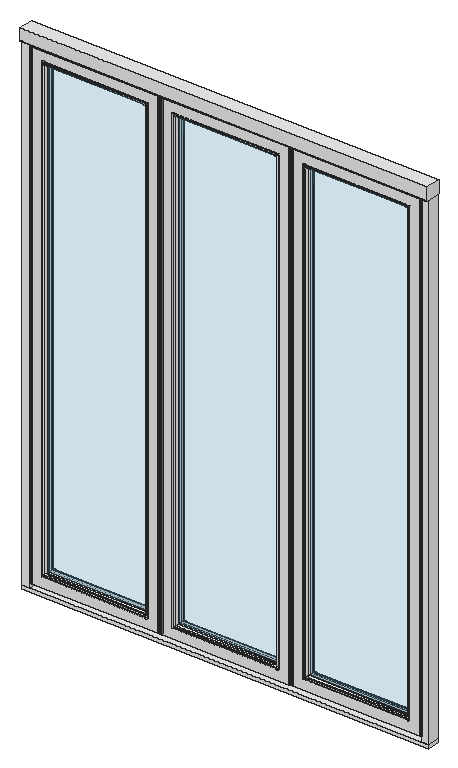
Revit family "98131", category Windows, host Wall, Revit 2018 (continued)
Definition of nested family "Right-Jamb_WA-67"
  Definition of nested family "Right-Jamb_Nana_Walls-WD-67"
    Lines and regions (in)
      model lines, in view "Ref. Level", visible <- "half"
        curve 360: line (-2.22441, -0.65755, 0) -> (-2.22441, -0.62842, 0)
        curve 361: line (-2.24409, -0.60874, 0) -> (-2.44094, -0.60874, 0)
        curve 362: line (-2.44094, -0.60874, 0) -> (-2.44094, -0.45203, 0)
        curve 363: line (-2.44094, -0.45203, 0) -> (-2.45276, -0.43157, 0)
        curve 364: line (-2.45276, -0.43157, 0) -> (-2.44094, -0.41111, 0)
        curve 365: line (-2.44094, -0.41111, 0) -> (-2.44094, -0.20152, 0)
        curve 366: line (-2.23736, 0.67905, 0) -> (-2.32283, 0.71016, 0)
        curve 367: line (-2.32283, 0.71016, 0) -> (-2.32283, 0.67079, 0)
        curve 368: line (-2.32283, 0.67079, 0) -> (-2.5, 0.67079, 0)
        curve 369: line (-2.5, 0.67079, 0) -> (-2.5, 0.76922, 0)
        curve 370: line (-2.44094, 0.20452, 0) -> (-2.44094, 0.41411, 0)
        curve 371: line (-2.44094, 0.41411, 0) -> (-2.45276, 0.43457, 0)
        curve 372: line (-2.45276, 0.43457, 0) -> (-2.44094, 0.45503, 0)
        curve 373: line (-2.44094, 0.45503, 0) -> (-2.44094, 0.61174, 0)
        curve 374: line (-2.44094, 0.61174, 0) -> (-2.24409, 0.61174, 0)
        curve 375: line (-2.22441, 0.63142, 0) -> (-2.22441, 0.66055, 0)
        curve 376: line (-2.51969, -0.25822, 0) -> (-2.51969, -0.62842, 0)
        curve 377: line (-2.51969, -0.62842, 0) -> (-2.65748, -0.62842, 0)
        curve 378: line (-2.65748, -0.80559, 0) -> (-2.53937, -0.80559, 0)
        curve 379: line (-2.69685, -0.66779, 0) -> (-2.53937, -0.66779, 0)
        curve 380: line (-2.53937, -0.66779, 0) -> (-2.53937, -0.76622, 0)
        curve 381: line (-2.53937, -0.76622, 0) -> (-2.61811, -0.76622, 0)
        curve 382: line (-2.65748, 0.63142, 0) -> (-2.51969, 0.63142, 0)
        curve 383: line (-2.51969, 0.63142, 0) -> (-2.51969, 0.26122, 0)
        curve 384: line (-2.66535, -0.19952, 0) -> (-2.66535, 0.20252, 0)
        curve 385: line (-2.73622, 0.27709, 0) -> (-2.73622, -0.27409, 0)
        curve 386: line (-2.47554, -0.11801, 0) -> (-2.49085, -0.10269, 0)
        curve 387: line (-2.69685, -0.31346, 0) -> (-2.68627, -0.31346, 0)
        curve 388: line (-2.49085, 0.10569, 0) -> (-2.47554, 0.12101, 0)
        curve 389: line (-2.68627, 0.31646, 0) -> (-2.69685, 0.31646, 0)
        curve 390: line (-2.53937, 0.80859, 0) -> (-2.65748, 0.80859, 0)
        curve 391: line (-2.61811, 0.76922, 0) -> (-2.53937, 0.76922, 0)
        curve 392: line (-2.53937, 0.76922, 0) -> (-2.53937, 0.67079, 0)
        curve 393: line (-2.53937, 0.67079, 0) -> (-2.69685, 0.67079, 0)
        curve 394: line (-2.22441, 1.00544, 0) -> (-2.22441, 0.9267, 0)
        curve 395: line (-2.22441, 0.9267, 0) -> (-2.41339, 0.9267, 0)
        curve 396: line (-5.01969, 1.30071, 0) -> (-2.22441, 1.30071, 0)
        curve 397: line (-2.22441, 1.30071, 0) -> (-2.22441, 1.22197, 0)
        curve 398: line (-2.48031, 0.99363, 0) -> (-2.48031, 1.22985, 0)
        curve 399: line (-2.48031, 1.22985, 0) -> (-2.73622, 1.22985, 0)
        curve 400: line (-2.73622, 1.22985, 0) -> (-2.73622, 1.16292, 0)
        curve 401: line (-2.41339, 1.24166, 0) -> (-2.41339, 0.98575, 0)
        curve 402: line (-2.24409, 1.20229, 0) -> (-2.26378, 1.20229, 0)
        curve 403: line (-2.26378, 1.20229, 0) -> (-2.26378, 1.26134, 0)
        curve 404: line (-2.26378, 1.26134, 0) -> (-2.31496, 1.26134, 0)
        curve 405: line (-2.31496, 1.26134, 0) -> (-2.31496, 1.21607, 0)
        curve 406: line (-2.31496, 1.21607, 0) -> (-2.33465, 1.21607, 0)
        curve 407: line (-2.35433, 1.23575, 0) -> (-2.35433, 1.26134, 0)
        curve 408: line (-2.35433, 1.26134, 0) -> (-2.3937, 1.26134, 0)
        curve 409: line (-2.33465, 1.01134, 0) -> (-2.31496, 1.01134, 0)
        curve 410: line (-2.31496, 1.01134, 0) -> (-2.31496, 0.96607, 0)
        curve 411: line (-2.31496, 0.96607, 0) -> (-2.26378, 0.96607, 0)
        curve 412: line (-2.26378, 0.96607, 0) -> (-2.26378, 1.02512, 0)
        curve 413: line (-2.26378, 1.02512, 0) -> (-2.24409, 1.02512, 0)
        curve 414: line (-2.3937, 0.96607, 0) -> (-2.35433, 0.96607, 0)
        curve 415: line (-2.35433, 0.96607, 0) -> (-2.35433, 0.99166, 0)
        curve 416: line (-3.77165, 1.16292, 0) -> (-3.77165, 1.22985, 0)
        curve 417: line (-3.77165, 1.22985, 0) -> (-4.39764, 1.22985, 0)
        curve 418: line (-4.39764, 1.22985, 0) -> (-4.39764, 0.90701, 0)
        curve 419: line (-4.39764, 0.90701, 0) -> (-4.3189, 0.90701, 0)
        curve 420: line (-4.27953, 0.76968, 0) -> (-4.27953, 0.86764, 0)
        curve 421: line (-4.39764, 0.25741, 0) -> (-4.39764, 0.86764, 0)
        curve 422: line (-4.39764, 0.86764, 0) -> (-4.3189, 0.86764, 0)
        curve 423: line (-4.3189, 0.86764, 0) -> (-4.3189, 0.80859, 0)
        curve 424: line (-4.3189, 0.80859, 0) -> (-4.33858, 0.80859, 0)
        curve 425: line (-4.58661, 1.12355, 0) -> (-4.58661, 1.04481, 0)
        curve 426: line (-4.54724, 1.04481, 0) -> (-4.54724, 1.10386, 0)
        curve 427: line (-4.54724, 1.10386, 0) -> (-4.4685, 1.10386, 0)
        curve 428: line (-4.4685, 1.10386, 0) -> (-4.4685, 0.57314, 0)
        curve 429: line (-4.4685, 0.57314, 0) -> (-4.45669, 0.55268, 0)
        curve 430: line (-4.45669, 0.55268, 0) -> (-4.4685, 0.53222, 0)
        curve 431: line (-4.4685, 0.53222, 0) -> (-4.4685, 0.37552, 0)
        curve 432: line (-4.34252, 0.80359, 0) -> (-4.31712, 0.7596, 0)
        curve 433: line (-4.4685, 0.37552, 0) -> (-4.52756, 0.37552, 0)
        curve 434: line (-4.58661, 0.31646, 0) -> (-4.58661, 0.23772, 0)
        curve 435: line (-4.58661, 0.23772, 0) -> (-4.52756, 0.23772, 0)
        curve 436: line (-4.52756, 0.23772, 0) -> (-4.52756, 0.31646, 0)
        curve 437: line (-4.52756, 0.31646, 0) -> (-4.43701, 0.31646, 0)
        curve 438: line (-4.43701, 0.31646, 0) -> (-4.43701, 0.25741, 0)
        curve 439: line (-3.7126, 1.10386, 0) -> (-3.59449, 1.10386, 0)
        curve 440: line (-3.59449, 1.10386, 0) -> (-3.59449, 1.14323, 0)
        curve 441: line (-3.59449, 1.14323, 0) -> (-3.7126, 1.14323, 0)
        curve 442: line (-3.7126, 1.14323, 0) -> (-3.7126, 1.22985, 0)
        curve 443: line (-3.7126, 1.22985, 0) -> (-2.79528, 1.22985, 0)
        curve 444: line (-2.79528, 1.22985, 0) -> (-2.79528, 1.14323, 0)
        curve 445: line (-2.79528, 1.14323, 0) -> (-2.91339, 1.14323, 0)
        curve 446: line (-2.91339, 1.14323, 0) -> (-2.91339, 1.10386, 0)
        curve 447: line (-2.91339, 1.10386, 0) -> (-2.79528, 1.10386, 0)
        curve 448: line (-5, 0.82827, 0) -> (-5.03937, 0.82827, 0)
        curve 449: line (-5.03937, 0.82827, 0) -> (-5.03937, 0.86764, 0)
        curve 450: line (-5.03937, 0.86764, 0) -> (-5.03937, 0.82827, 0)
        curve 451: line (-5.03937, 0.82827, 0) -> (-5, 0.82827, 0)
        curve 452: line (-5.2862, 0.82827, 0) -> (-5.19685, 0.82827, 0)
        curve 453: line (-5.19685, 0.82827, 0) -> (-5.29528, 0.82827, 0)
        curve 454: line (-5.29528, 0.82827, 0) -> (-5.29528, 1.02512, 0)
        curve 455: line (-4.95276, 1.16292, 0) -> (-4.95276, 1.22985, 0)
        curve 456: line (-4.95276, 1.22985, 0) -> (-5.01969, 1.22985, 0)
        curve 457: line (-5.22441, 1.02512, 0) -> (-5.22441, 1.01331, 0)
        curve 458: line (-5.21654, 1.00544, 0) -> (-5.00787, 1.00544, 0)
        curve 459: line (-5.00787, 0.86764, 0) -> (-5.03937, 0.86764, 0)
        curve 460: line (-5.03937, 0.86764, 0) -> (-5, 0.86764, 0)
        curve 461: line (-5, 0.86764, 0) -> (-5, 0.94638, 0)
        curve 462: line (-5, 0.94638, 0) -> (-5.23622, 0.94638, 0)
        curve 463: line (-5.23622, 0.94638, 0) -> (-5.23622, 0.86764, 0)
        curve 464: line (-5.23622, 0.86764, 0) -> (-5.19685, 0.86764, 0)
        curve 465: line (-5.19685, 0.86764, 0) -> (-5.19685, 0.82827, 0)
        curve 466: line (-5.19685, 0.82827, 0) -> (-5.19685, 0.86764, 0)
        curve 467: line (-5.19685, 0.86764, 0) -> (-5.22835, 0.86764, 0)
        curve 468: line (-4.8937, 1.10386, 0) -> (-4.81496, 1.10386, 0)
        curve 469: line (-4.81496, 1.10386, 0) -> (-4.81496, 1.14323, 0)
        curve 470: line (-4.81496, 1.14323, 0) -> (-4.8937, 1.14323, 0)
        curve 471: line (-4.8937, 1.14323, 0) -> (-4.8937, 1.22985, 0)
        curve 472: line (-4.8937, 1.22985, 0) -> (-4.48819, 1.22985, 0)
        curve 473: line (-4.48819, 1.22985, 0) -> (-4.48819, 1.14323, 0)
        curve 474: line (-4.48819, 1.14323, 0) -> (-4.56693, 1.14323, 0)
        curve 475: line (-4.94882, 0.94638, 0) -> (-4.94882, 0.87945, 0)
        curve 476: line (-2.32283, -1.29771, 0) -> (-4.50787, -1.29771, 0)
        curve 477: line (-2.22441, -0.90401, 0) -> (-2.22441, -1.19929, 0)
        curve 478: line (-2.30315, -0.82527, 0) -> (-2.77559, -0.82527, 0)
        curve 479: line (-2.77559, -0.82527, 0) -> (-2.77559, -0.62842, 0)
        curve 480: line (-2.77559, -0.62842, 0) -> (-2.51969, -0.62842, 0)
        curve 481: line (-2.51969, -0.62842, 0) -> (-2.51969, -0.31346, 0)
        curve 482: line (-2.51969, -0.31346, 0) -> (-2.77559, -0.31346, 0)
        curve 483: line (-2.77559, -0.31346, 0) -> (-2.77559, 0.31646, 0)
        curve 484: line (-2.77559, 0.31646, 0) -> (-2.51969, 0.31646, 0)
        curve 485: line (-2.51969, 0.31646, 0) -> (-2.51969, 0.63142, 0)
        curve 486: line (-2.51969, 0.63142, 0) -> (-2.81496, 0.63142, 0)
        curve 487: line (-2.81496, 0.63142, 0) -> (-2.81496, 0.82827, 0)
        curve 488: line (-2.91339, 0.9267, 0) -> (-3.99484, 0.9267, 0)
        curve 489: line (-3.99484, 0.9267, 0) -> (-4.11417, 0.67079, 0)
        curve 490: line (-4.11417, 0.67079, 0) -> (-4.11417, 0.33922, 0)
        curve 491: line (-4.11417, 0.33922, 0) -> (-4.27165, 0.0015, 0)
        curve 492: line (-4.27165, 0.0015, 0) -> (-4.58661, 0.0015, 0)
        curve 493: line (-4.58661, 0.0015, 0) -> (-4.58661, -0.80875, 0)
        curve 494: line (-4.48819, -0.85914, 0) -> (-4.48819, -0.96856, 0)
        curve 495: line (-4.48819, -0.96856, 0) -> (-4.48819, -0.85914, 0)
        curve 496: line (-4.57035, -0.99957, 0) -> (-4.50446, -0.98795, 0)
        curve 497: line (-4.58661, -1.05811, 0) -> (-4.58661, -1.01896, 0)
        curve 498: line (-4.58661, -1.01896, 0) -> (-4.58661, -1.21897, 0)
        curve 499: line (-4.57035, -0.82814, 0) -> (-4.50446, -0.83976, 0)
        curve 616: line (-4.58661, -0.37252, 0) -> (-4.58661, -1.27803, 0)
        curve 617: line (-4.58661, -1.27803, 0) -> (-4.94434, -1.27803, 0)
        curve 618: arc (-4.94434, -1.27803, 0) -> (-5.09618, -1.22276, 0) -> (-5.17697, -1.08283, 0) r 0.23622
        curve 619: line (-5.17697, -1.08283, 0) -> (-5.29528, -0.53, 0)
        curve 620: line (-5.29528, -0.53, 0) -> (-4.98031, -0.53, 0)
        curve 621: line (-4.98031, -0.53, 0) -> (-4.98031, -0.37252, 0)
        curve 622: line (-4.98031, -0.37252, 0) -> (-4.58661, -0.37252, 0)
        curve 623: line (-4.58661, -0.37252, 0) -> (-4.58661, -1.19929, 0)
        curve 624: line (-4.66535, -1.27803, 0) -> (-4.94434, -1.27803, 0)
        curve 625: arc (-4.58661, -1.19929, 0) -> (-4.60968, -1.25497, 0) -> (-4.66535, -1.27803, 0) r 0.07874
      model lines, in view "Ref. Level"
        curve 133: arc (-1.23228, 0.69048, 0) -> (-1.19053, 0.70777, 0) -> (-1.17323, 0.74953, 0) r 0.05906
        curve 134: arc (-1.19291, 1.10386, 0) -> (-1.23467, 1.08656, 0) -> (-1.25197, 1.04481, 0) r 0.05906
        curve 135: arc (-0.90157, 1.14323, 0) -> (-0.89004, 1.11539, 0) -> (-0.8622, 1.10386, 0) r 0.03937
        curve 136: arc (-0.90157, 1.17473, 0) -> (-0.91206, 1.20832, 0) -> (-0.9398, 1.22999, 0) r 0.05906
        curve 137: arc (-0.43028, 1.22999, 0) -> (-0.45802, 1.20832, 0) -> (-0.4685, 1.17473, 0) r 0.05906
        curve 138: arc (-0.50787, 1.10386, 0) -> (-0.48004, 1.11539, 0) -> (-0.4685, 1.14323, 0) r 0.03937
        curve 139: arc (-1.1378, 1.1826, 0) -> (-1.12857, 1.16033, 0) -> (-1.1063, 1.15111, 0) r 0.0315
        curve 140: line (-1.07576, 1.15111, 0) -> (-1.10952, 1.1826, 0)
        curve 141: line (-1.10952, 1.20229, 0) -> (-1.09196, 1.22999, 0)
        curve 142: arc (-1.12129, 1.22999, 0) -> (-1.13336, 1.21841, 0) -> (-1.1378, 1.20229, 0) r 0.0315
        curve 143: arc (-0.23228, 1.20229, 0) -> (-0.23672, 1.21841, 0) -> (-0.24879, 1.22999, 0) r 0.0315
        curve 144: line (-0.27812, 1.22999, 0) -> (-0.26055, 1.20229, 0)
        curve 145: arc (-0.26378, 1.15111, 0) -> (-0.24151, 1.16033, 0) -> (-0.23228, 1.1826, 0) r 0.0315
        curve 146: line (-0.26055, 1.1826, 0) -> (-0.29432, 1.15111, 0)
        curve 147: arc (-0.08661, 0.59205, 0) -> (-0.05738, 0.63004, 0) -> (-0.03673, 0.67329, 0) r 0.22835
        curve 148: arc (-0.03673, 0.82578, 0) -> (-0.05738, 0.86903, 0) -> (-0.08661, 0.90701, 0) r 0.22835
        curve 149: line (-0.0367, 0.68289, 0) -> (-0.03673, 0.67329, 0)
        curve 150: line (-0.03673, 0.74953, 0) -> (-0.0367, 0.71265, 0)
        curve 151: line (-0.0367, 0.78641, 0) -> (-0.03673, 0.74953, 0)
        curve 205: line (-1.39764, 0.76134, 0) -> (-1.39764, 0.70622, 0)
        curve 206: line (-1.39764, 0.70622, 0) -> (-1.38189, 0.69048, 0)
        curve 207: line (-1.38189, 0.69048, 0) -> (-1.23228, 0.69048, 0)
        curve 208: line (-1.17323, 0.74953, 0) -> (-1.17323, 1.10386, 0)
        curve 209: line (-1.29528, 0.77709, 0) -> (-1.19291, 0.77709, 0)
        curve 210: line (-1.25197, 0.77709, 0) -> (-1.25197, 1.04481, 0)
        curve 211: line (-0.90157, 1.14323, 0) -> (-0.90157, 1.17473, 0)
        curve 212: line (-1.19291, 1.10386, 0) -> (-0.98031, 1.10386, 0)
        curve 213: line (-0.98031, 1.10386, 0) -> (-0.98031, 1.15111, 0)
        curve 214: line (-0.98031, 1.15111, 0) -> (-1.1063, 1.15111, 0)
        curve 215: line (-0.50787, 1.10386, 0) -> (-0.8622, 1.10386, 0)
        curve 216: line (-0.4685, 1.14323, 0) -> (-0.4685, 1.17473, 0)
        curve 217: line (-0.58661, 1.10386, 0) -> (-0.58661, 1.22985, 0)
        curve 218: line (-0.58661, 1.22985, 0) -> (-0.78346, 1.22985, 0)
        curve 219: line (-0.78346, 1.22985, 0) -> (-0.78346, 1.10386, 0)
        curve 220: line (-0.26378, 1.15111, 0) -> (-0.38976, 1.15111, 0)
        curve 221: line (-0.38976, 1.15111, 0) -> (-0.38976, 0.9267, 0)
        curve 222: line (-1.10952, 1.1826, 0) -> (-1.10952, 1.20229, 0)
        curve 223: line (-1.1378, 1.1826, 0) -> (-1.1378, 1.20229, 0)
        curve 224: line (-0.26055, 1.1826, 0) -> (-0.26055, 1.20229, 0)
        curve 225: line (-0.23228, 1.1826, 0) -> (-0.23228, 1.20229, 0)
        curve 226: line (-1.01969, 1.10386, 0) -> (-1.01969, 1.15111, 0)
        curve 227: line (-0.35039, 1.15111, 0) -> (-0.35039, 1.02512, 0)
        curve 228: line (-0.35039, 1.02512, 0) -> (-0.35979, 1.02512, 0)
        curve 229: line (-0.35979, 1.02512, 0) -> (-0.35979, 0.9267, 0)
        curve 230: line (-0.35979, 0.9267, 0) -> (-1.17323, 0.9267, 0)
        curve 231: line (-0.43028, 1.22999, 0) -> (-0.24879, 1.22999, 0)
        curve 232: line (-0.9398, 1.22999, 0) -> (-1.12129, 1.22999, 0)
        curve 233: line (-0.0367, 0.71265, 0) -> (-0.03008, 0.71139, 0)
        curve 234: line (-0.03008, 0.71139, 0) -> (-0.03177, 0.70235, 0)
        curve 235: line (-0.03177, 0.70235, 0) -> (-0.03393, 0.69293, 0)
        curve 236: line (-0.03393, 0.69293, 0) -> (-0.0367, 0.68289, 0)
        curve 237: line (-0.1378, 0.59205, 0) -> (-0.08661, 0.59205, 0)
        curve 238: line (-0.08661, 0.59205, 0) -> (-0.08661, 0.90701, 0)
        curve 239: line (-0.08661, 0.90701, 0) -> (-0.1378, 0.90701, 0)
        curve 240: line (-0.1378, 0.72907, 0) -> (-0.1378, 0.76999, 0)
        curve 241: line (-0.0367, 0.81617, 0) -> (-0.0339, 0.80598, 0)
        curve 242: line (-0.0339, 0.80598, 0) -> (-0.03174, 0.79656, 0)
        curve 243: line (-0.03174, 0.79656, 0) -> (-0.03008, 0.78767, 0)
        curve 244: line (-0.03008, 0.78767, 0) -> (-0.0367, 0.78641, 0)
        curve 310: arc (-1.49606, 0.20452, 0) -> (-1.48707, 0.15932, 0) -> (-1.46147, 0.12101, 0) r 0.11811
        curve 311: arc (-1.46147, -0.11801, 0) -> (-1.48707, -0.15632, 0) -> (-1.49606, -0.20152, 0) r 0.11811
        curve 312: arc (-1.69291, -0.60874, 0) -> (-1.70683, -0.6145, 0) -> (-1.7126, -0.62842, 0) r 0.01969
        curve 313: arc (-1.7126, -0.65755, 0) -> (-1.70904, -0.66885, 0) -> (-1.69965, -0.67605, 0) r 0.01969
        curve 314: arc (-1.69965, 0.67905, 0) -> (-1.70904, 0.67184, 0) -> (-1.7126, 0.66055, 0) r 0.01969
        curve 315: arc (-1.7126, 0.63142, 0) -> (-1.70683, 0.6175, 0) -> (-1.69291, 0.61174, 0) r 0.01969
        curve 316: arc (-1.27953, -0.80559, 0) -> (-1.29106, -0.77775, 0) -> (-1.3189, -0.76622, 0) r 0.03937
        curve 317: arc (-1.43701, -0.76622, 0) -> (-1.42548, -0.79406, 0) -> (-1.39764, -0.80559, 0) r 0.03937
        curve 318: arc (-1.24016, -0.66779, 0) -> (-1.25169, -0.63995, 0) -> (-1.27953, -0.62842, 0) r 0.03937
        curve 319: arc (-1.4147, -0.10766, 0) -> (-1.42916, -0.09717, 0) -> (-1.44615, -0.10269, 0) r 0.01969
        curve 320: arc (-1.3982, -0.24895, 0) -> (-1.32861, -0.29066, 0) -> (-1.25074, -0.31346, 0) r 0.3189
        curve 321: arc (-1.4147, -0.10766, 0) -> (-1.36643, -0.1724, 0) -> (-1.29942, -0.21747, 0) r 0.24016
        curve 322: arc (-1.3982, -0.24895, 0) -> (-1.41067, -0.2476, 0) -> (-1.41732, -0.25822, 0) r 0.01181
        curve 323: arc (-1.24016, -0.31346, 0) -> (-1.21232, -0.30193, 0) -> (-1.20079, -0.27409, 0) r 0.03937
        curve 324: arc (-1.29942, -0.21747, 0) -> (-1.28065, -0.21605, 0) -> (-1.27165, -0.19952, 0) r 0.01969
        curve 325: arc (-1.29942, 0.22047, 0) -> (-1.36643, 0.17539, 0) -> (-1.4147, 0.11066, 0) r 0.24016
        curve 326: arc (-1.25074, 0.31646, 0) -> (-1.32861, 0.29366, 0) -> (-1.3982, 0.25195, 0) r 0.3189
        curve 327: arc (-1.44615, 0.10569, 0) -> (-1.42916, 0.10017, 0) -> (-1.4147, 0.11066, 0) r 0.01969
        curve 328: arc (-1.41732, 0.26122, 0) -> (-1.41067, 0.2506, 0) -> (-1.3982, 0.25195, 0) r 0.01181
        curve 329: arc (-1.20079, 0.27709, 0) -> (-1.21232, 0.30493, 0) -> (-1.24016, 0.31646, 0) r 0.03937
        curve 330: arc (-1.27165, 0.20252, 0) -> (-1.28065, 0.21905, 0) -> (-1.29942, 0.22047, 0) r 0.01969
        curve 331: arc (-1.3189, 0.76922, 0) -> (-1.29106, 0.78075, 0) -> (-1.27953, 0.80859, 0) r 0.03937
        curve 332: arc (-1.39764, 0.80859, 0) -> (-1.42548, 0.79706, 0) -> (-1.43701, 0.76922, 0) r 0.03937
        curve 333: arc (-1.27953, 0.63142, 0) -> (-1.25169, 0.64295, 0) -> (-1.24016, 0.67079, 0) r 0.03937
        curve 334: arc (-0.11811, 1.26134, 0) -> (-0.13203, 1.25558, 0) -> (-0.1378, 1.24166, 0) r 0.01969
        curve 335: arc (-0.1378, 0.98575, 0) -> (-0.13203, 0.97183, 0) -> (-0.11811, 0.96607, 0) r 0.01969
        curve 336: arc (0.05906, 1.00544, 0) -> (0.05329, 1.01936, 0) -> (0.03937, 1.02512, 0) r 0.01969
        curve 337: arc (0.03937, 1.20229, 0) -> (0.05329, 1.20805, 0) -> (0.05906, 1.22197, 0) r 0.01969
        curve 338: arc (-0.05118, 1.01134, 0) -> (-0.0651, 1.00558, 0) -> (-0.07087, 0.99166, 0) r 0.01969
        curve 339: arc (-0.07087, 1.23575, 0) -> (-0.0651, 1.22183, 0) -> (-0.05118, 1.21607, 0) r 0.01969
        curve 340: arc (-0.19685, 0.59205, 0) -> (-0.21654, 0.57237, 0) -> (-0.19685, 0.55268, 0) r 0.01969
        curve 341: arc (-1.52362, 0.9267, 0) -> (-1.4763, 0.9463, 0) -> (-1.45669, 0.99363, 0) r 0.06693
        curve 342: arc (-1.20079, 1.16292, 0) -> (-1.18349, 1.12116, 0) -> (-1.14173, 1.10386, 0) r 0.05906
        curve 343: arc (-1.54331, 0.96607, 0) -> (-1.52939, 0.97183, 0) -> (-1.52362, 0.98575, 0) r 0.01969
        curve 344: arc (-1.58268, 0.99166, 0) -> (-1.58844, 1.00558, 0) -> (-1.60236, 1.01134, 0) r 0.01969
        curve 345: arc (-1.52362, 1.24166, 0) -> (-1.52939, 1.25558, 0) -> (-1.54331, 1.26134, 0) r 0.01969
        curve 346: arc (-1.60236, 1.21607, 0) -> (-1.58844, 1.22183, 0) -> (-1.58268, 1.23575, 0) r 0.01969
        curve 347: arc (-1.69291, 1.02512, 0) -> (-1.70683, 1.01936, 0) -> (-1.7126, 1.00544, 0) r 0.01969
        curve 348: arc (-1.7126, 1.22197, 0) -> (-1.70683, 1.20805, 0) -> (-1.69291, 1.20229, 0) r 0.01969
        curve 349: arc (-1.7126, -1.20079, 0) -> (-1.68377, -1.27038, 0) -> (-1.61417, -1.29921, 0) r 0.09843
        curve 350: arc (-1.63386, -0.82677, 0) -> (-1.68954, -0.84983, 0) -> (-1.7126, -0.90551, 0) r 0.07874
        curve 351: arc (-1.02362, 0.9252, 0) -> (-1.09322, 0.89637, 0) -> (-1.12205, 0.82677, 0) r 0.09843
        curve 352: arc (-0.19685, 0.82677, 0) -> (-0.22568, 0.89637, 0) -> (-0.29528, 0.9252, 0) r 0.09843
        curve 353: arc (-0.21982, 0.62992, 0) -> (-0.20336, 0.63931, 0) -> (-0.19685, 0.65709, 0) r 0.02756
        curve 354: arc (-0.23622, 0.57087, 0) -> (-0.23045, 0.55695, 0) -> (-0.21654, 0.55118, 0) r 0.01969
        curve 355: arc (-0.21982, 0.62992, 0) -> (-0.23157, 0.62322, 0) -> (-0.23622, 0.61051, 0) r 0.01969
        curve 500: line (-1.43701, -0.76622, 0) -> (-1.43701, -0.66779, 0)
        curve 501: line (-1.43701, -0.66779, 0) -> (-1.61417, -0.66779, 0)
        curve 502: line (-1.61417, -0.66779, 0) -> (-1.61417, -0.70716, 0)
        curve 503: line (-1.61417, -0.70716, 0) -> (-1.69965, -0.67605, 0)
        curve 504: line (-1.7126, -0.65755, 0) -> (-1.7126, -0.62842, 0)
        curve 505: line (-1.69291, -0.60874, 0) -> (-1.49606, -0.60874, 0)
        curve 506: line (-1.49606, -0.60874, 0) -> (-1.49606, -0.45203, 0)
        curve 507: line (-1.49606, -0.45203, 0) -> (-1.48425, -0.43157, 0)
        curve 508: line (-1.48425, -0.43157, 0) -> (-1.49606, -0.41111, 0)
        curve 509: line (-1.49606, -0.41111, 0) -> (-1.49606, -0.20152, 0)
        curve 510: line (-1.69965, 0.67905, 0) -> (-1.61417, 0.71016, 0)
        curve 511: line (-1.61417, 0.71016, 0) -> (-1.61417, 0.67079, 0)
        curve 512: line (-1.61417, 0.67079, 0) -> (-1.43701, 0.67079, 0)
        curve 513: line (-1.43701, 0.67079, 0) -> (-1.43701, 0.76922, 0)
        curve 514: line (-1.49606, 0.20452, 0) -> (-1.49606, 0.41411, 0)
        curve 515: line (-1.49606, 0.41411, 0) -> (-1.48425, 0.43457, 0)
        curve 516: line (-1.48425, 0.43457, 0) -> (-1.49606, 0.45503, 0)
        curve 517: line (-1.49606, 0.45503, 0) -> (-1.49606, 0.61174, 0)
        curve 518: line (-1.49606, 0.61174, 0) -> (-1.69291, 0.61174, 0)
        curve 519: line (-1.7126, 0.63142, 0) -> (-1.7126, 0.66055, 0)
        curve 520: line (-1.41732, -0.25822, 0) -> (-1.41732, -0.62842, 0)
        curve 521: line (-1.41732, -0.62842, 0) -> (-1.27953, -0.62842, 0)
        curve 522: line (-1.27953, -0.80559, 0) -> (-1.39764, -0.80559, 0)
        curve 523: line (-1.24016, -0.66779, 0) -> (-1.39764, -0.66779, 0)
        curve 524: line (-1.39764, -0.66779, 0) -> (-1.39764, -0.76622, 0)
        curve 525: line (-1.39764, -0.76622, 0) -> (-1.3189, -0.76622, 0)
        curve 526: line (-1.27953, 0.63142, 0) -> (-1.41732, 0.63142, 0)
        curve 527: line (-1.41732, 0.63142, 0) -> (-1.41732, 0.26122, 0)
        curve 528: line (-1.27165, -0.19952, 0) -> (-1.27165, 0.20252, 0)
        curve 529: line (-1.20079, 0.27709, 0) -> (-1.20079, -0.27409, 0)
        curve 530: line (-1.46147, -0.11801, 0) -> (-1.44615, -0.10269, 0)
        curve 531: line (-1.24016, -0.31346, 0) -> (-1.25074, -0.31346, 0)
        curve 532: line (-1.44615, 0.10569, 0) -> (-1.46147, 0.12101, 0)
        curve 533: line (-1.25074, 0.31646, 0) -> (-1.24016, 0.31646, 0)
        curve 534: line (-1.39764, 0.80859, 0) -> (-1.27953, 0.80859, 0)
        curve 535: line (-1.3189, 0.76922, 0) -> (-1.39764, 0.76922, 0)
        curve 536: line (-1.39764, 0.76922, 0) -> (-1.39764, 0.67079, 0)
        curve 537: line (-1.39764, 0.67079, 0) -> (-1.24016, 0.67079, 0)
        curve 538: line (0.05906, 1.22197, 0) -> (0.05906, 1.30071, 0)
        curve 539: line (0.05906, 1.30071, 0) -> (-1.7126, 1.30071, 0)
        curve 540: line (-1.7126, 1.30071, 0) -> (-1.7126, 1.22197, 0)
        curve 541: line (-0.05118, 1.01134, 0) -> (-0.0315, 1.01134, 0)
        curve 542: line (-0.0315, 1.01134, 0) -> (-0.0315, 0.96607, 0)
        curve 543: line (-0.0315, 0.96607, 0) -> (0.01969, 0.96607, 0)
        curve 544: line (0.01969, 0.96607, 0) -> (0.01969, 1.02512, 0)
        curve 545: line (0.01969, 1.02512, 0) -> (0.03937, 1.02512, 0)
        curve 546: line (-0.11811, 0.96607, 0) -> (-0.07087, 0.96607, 0)
        curve 547: line (-0.07087, 0.96607, 0) -> (-0.07087, 0.99166, 0)
        curve 548: line (-0.05118, 1.21607, 0) -> (-0.0315, 1.21607, 0)
        curve 549: line (-0.0315, 1.21607, 0) -> (-0.0315, 1.26134, 0)
        curve 550: line (-0.0315, 1.26134, 0) -> (0.01969, 1.26134, 0)
        curve 551: line (0.01969, 1.26134, 0) -> (0.01969, 1.20229, 0)
        curve 552: line (0.01969, 1.20229, 0) -> (0.03937, 1.20229, 0)
        curve 553: line (-0.11811, 1.26134, 0) -> (-0.07087, 1.26134, 0)
        curve 554: line (-0.07087, 1.26134, 0) -> (-0.07087, 1.23575, 0)
        curve 555: line (0.05906, 1.00544, 0) -> (0.05906, 0.9267, 0)
        curve 556: line (0.05906, 0.9267, 0) -> (-0.1378, 0.9267, 0)
        curve 557: line (-0.1378, 0.9267, 0) -> (-0.1378, 0.76999, 0)
        curve 558: line (-0.1378, 0.76999, 0) -> (-0.14961, 0.74953, 0)
        curve 559: line (-0.14961, 0.74953, 0) -> (-0.1378, 0.72907, 0)
        curve 560: line (-0.1378, 0.72907, 0) -> (-0.1378, 0.55268, 0)
        curve 561: line (-0.1378, 0.55268, 0) -> (-0.19685, 0.55268, 0)
        curve 562: line (-0.19685, 0.59205, 0) -> (-0.19685, 1.10386, 0)
        curve 563: line (-0.19685, 1.10386, 0) -> (-0.34252, 1.10386, 0)
        curve 564: line (-0.34252, 1.10386, 0) -> (-0.34252, 1.14323, 0)
        curve 565: line (-0.34252, 1.14323, 0) -> (-0.22441, 1.14323, 0)
        curve 566: line (-0.22441, 1.14323, 0) -> (-0.22441, 1.22985, 0)
        curve 567: line (-0.22441, 1.22985, 0) -> (-1.14173, 1.22985, 0)
        curve 568: line (-1.14173, 1.22985, 0) -> (-1.14173, 1.14323, 0)
        curve 569: line (-1.14173, 1.14323, 0) -> (-1.02362, 1.14323, 0)
        curve 570: line (-1.02362, 1.14323, 0) -> (-1.02362, 1.10386, 0)
        curve 571: line (-1.02362, 1.10386, 0) -> (-1.14173, 1.10386, 0)
        curve 572: line (-0.1378, 1.24166, 0) -> (-0.1378, 0.98575, 0)
        curve 573: line (-1.45669, 0.99363, 0) -> (-1.45669, 1.22985, 0)
        curve 574: line (-1.45669, 1.22985, 0) -> (-1.20079, 1.22985, 0)
        curve 575: line (-1.20079, 1.22985, 0) -> (-1.20079, 1.16292, 0)
        curve 576: line (-1.7126, 1.00544, 0) -> (-1.7126, 0.9267, 0)
        curve 577: line (-1.7126, 0.9267, 0) -> (-1.52362, 0.9267, 0)
        curve 578: line (-1.52362, 1.24166, 0) -> (-1.52362, 0.98575, 0)
        curve 579: line (-1.54331, 0.96607, 0) -> (-1.58268, 0.96607, 0)
        curve 580: line (-1.58268, 0.96607, 0) -> (-1.58268, 0.99166, 0)
        curve 581: line (-1.58268, 1.23575, 0) -> (-1.58268, 1.26134, 0)
        curve 582: line (-1.58268, 1.26134, 0) -> (-1.54331, 1.26134, 0)
        curve 583: line (-1.60236, 1.01134, 0) -> (-1.62205, 1.01134, 0)
        curve 584: line (-1.62205, 1.01134, 0) -> (-1.62205, 0.96607, 0)
        curve 585: line (-1.62205, 0.96607, 0) -> (-1.67323, 0.96607, 0)
        curve 586: line (-1.67323, 0.96607, 0) -> (-1.67323, 1.02512, 0)
        curve 587: line (-1.67323, 1.02512, 0) -> (-1.69291, 1.02512, 0)
        curve 588: line (-1.69291, 1.20229, 0) -> (-1.67323, 1.20229, 0)
        curve 589: line (-1.67323, 1.20229, 0) -> (-1.67323, 1.26134, 0)
        curve 590: line (-1.67323, 1.26134, 0) -> (-1.62205, 1.26134, 0)
        curve 591: line (-1.62205, 1.26134, 0) -> (-1.62205, 1.21607, 0)
        curve 592: line (-1.62205, 1.21607, 0) -> (-1.60236, 1.21607, 0)
        curve 593: line (-0.03937, -1.29921, 0) -> (-1.61417, -1.29921, 0)
        curve 594: line (-1.7126, -1.20079, 0) -> (-1.7126, -0.90551, 0)
        curve 595: line (-0.29528, 0.9252, 0) -> (-1.02362, 0.9252, 0)
        curve 596: line (-0.23622, 0.57087, 0) -> (-0.23622, 0.61051, 0)
        curve 597: line (-0.19685, 0.65709, 0) -> (-0.19685, 0.82677, 0)
        curve 598: line (-1.12205, 0.82677, 0) -> (-1.12205, 0.62992, 0)
        curve 599: line (-1.12205, 0.62992, 0) -> (-1.41732, 0.62992, 0)
        curve 600: line (-1.41732, 0.62992, 0) -> (-1.41732, 0.31496, 0)
        curve 601: line (-1.41732, 0.31496, 0) -> (-1.16142, 0.31496, 0)
        curve 602: line (-1.16142, 0.31496, 0) -> (-1.16142, -0.31496, 0)
        curve 603: line (-1.16142, -0.31496, 0) -> (-1.41732, -0.31496, 0)
        curve 604: line (-1.41732, -0.31496, 0) -> (-1.41732, -0.62992, 0)
        curve 605: line (-1.41732, -0.62992, 0) -> (-1.16142, -0.62992, 0)
        curve 606: line (-1.16142, -0.62992, 0) -> (-1.16142, -0.82677, 0)
        curve 607: line (-1.16142, -0.82677, 0) -> (-1.63386, -0.82677, 0)
        curve 608: line (0.05906, -1.20079, 0) -> (0.05906, -0.3937, 0)
        curve 609: line (0.05906, -0.3937, 0) -> (-0.17717, -0.3937, 0)
        curve 610: line (-0.17717, -0.3937, 0) -> (-0.17717, 0.3937, 0)
        curve 611: line (-0.17717, 0.3937, 0) -> (0.05906, 0.3937, 0)
        curve 612: line (0.05906, 0.3937, 0) -> (0.05906, 0.5315, 0)
        curve 613: line (0.05906, 0.5315, 0) -> (0.03937, 0.55118, 0)
        curve 614: line (0.03937, 0.55118, 0) -> (-0.21654, 0.55118, 0)
        curve 615: arc (-0.03937, -1.29921, 0) -> (0.03023, -1.27038, 0) -> (0.05906, -1.20079, 0) r 0.09843
      detail lines, in view "Ref. Level"
        curve 626: line (-1.61417, -1.29921, 0) -> (-0.03937, -1.29921, 0)
    Dimensions and locks (in)
      aligned: curve 502 to curve 626
      aligned: curve 626 to curve 593
Definition of nested family "Sash_WA-67_NanaWall"
  Parameters
    Width = 2' - 6.81771"
    Sash = none
    Height = 9' - 6"
    Glass = none
    Filler = none
    Depth = 0' - 2 77/128"
    Assembly Code = ""
  Reference planes (in)
    plane 1 "Center (Front/Back)": y = -8.125
    plane 2: z = 0
    plane 3 "Center (Left/Right)": x = 0.01235
    plane 4 "Interior": y = -6.82422
    plane 5 "Exterior": y = -9.42578
    plane 6 "Left": x = -15.39651
    plane 7 "Right": x = 15.4212
    plane 8 "Left Interior Edge of Sash": x = -11.74888
    plane 9 "Interior Edge of Glass": y = -7.75092
    plane 10 "Exterior Edge of Glass": y = -8.79422
    plane 11 "Left Edge": x = -12.53013
    plane 12 "Right Interior Edge of Sash": x = 11.77276
    plane 13 "Right Edge": x = 12.55401
    plane 14 "Left Interior Edge of Filler": x = -14.8847
    plane 15 "Top": z = 114
    plane 16 "Top Interior Edge of Filler": z = 113.48819
    plane 17 "Bottom Interior Edge of Filler": z = 1.33203
    plane 18 "Right Interior Edge of Filler": x = 14.90948
    plane 19 "Top Edge": z = 110.59366
    plane 20 "Bottom Edge of Glass": z = 2.87053
    plane 21 "Left Edge of Glass": x = -12.34263
    plane 22 "Right Edge of Glass": x = 12.36651
    plane 23 "Top Edge Of Glass": z = 110.40616
    plane 24: z = 3.43303
    plane 25: z = 111.13363
    plane 26: z = 2.628
  Forms (in)
    Sweep 1, solid, material <- "Sash"
      path origin (0, -8.125, 0) x (1, 0, 0) y (0, 0, -1)
        loop
          line (-14.8847, -113.48819) -> (14.90948, -113.48819) -> (14.90948, 0) -> (-14.8847, 0) -> (-14.8847, -113.48819)
      profile origin (-14.8847, -8.125, 56.74409) x (0, 1, 0) y (-1, 0, 0)
        loop
          line (1.29883, 0) -> (-1.29883, 0) -> (-1.29883, -2.80943)
          arc (-1.29883, -2.80943) -> (-1.21371, -2.99573) -> (-1.02355, -3.07184) r 0.27559
          line (-1.02355, -3.07184) -> (-0.8267, -3.07184)
          arc (-0.8267, -3.07184) -> (-0.75447, -3.12121) -> (-0.66922, -3.14091) r 0.23622
          line (-0.66922, -3.14091) -> (-0.66922, -2.36318) -> (0.37408, -2.36318) -> (0.37408, -3.14531)
          arc (0.37408, -3.14531) -> (0.49172, -3.11478) -> (0.59853, -3.05681) r 0.50072
          arc (0.59853, -3.05681) -> (0.85046, -3.00784) -> (1.10052, -2.95011) r 7.3527
          arc (1.10052, -2.95011) -> (1.22952, -2.86634) -> (1.2796, -2.72091) r 0.23622
          line (1.2796, -2.72091) -> (1.2796, -2.44192)
          arc (1.2796, -2.44192) -> (1.25653, -2.38624) -> (1.20086, -2.36318) r 0.07874
          arc (1.20086, -2.36318) -> (1.26499, -2.34914) -> (1.29883, -2.29288) r 0.08295
          line (1.29883, -2.29288) -> (1.29883, 0)
    Extrusion 2, solid, material <- "Glass"
      sketch origin (0.01235, 0, 0) x (0, 1, 0) y (0, 0, 1)
        loop
          line (-7.75092, 2.87053) -> (-7.75092, 110.40616) -> (-8.79422, 110.40616) -> (-8.79422, 2.87053) -> (-7.75092, 2.87053)
      from -12.35498 to 12.35417
    Sweep 3, solid, material <- "Filler"
      path origin (0, -8.125, 0) x (1, 0, 0) y (0, 0, 1)
        loop
          line (14.90948, 0) -> (14.90948, 113.48819) -> (-14.8847, 113.48819) -> (-14.8847, 0)
      profile origin (-14.8847, -8.125, 56.74409) x (0, -1, 0) y (1, 0, 0)
        loop
          line (-1.30078, -0.51181) -> (1.30078, -0.51181) -> (1.30078, 0) -> (-1.30078, 0) -> (-1.30078, -0.51181)
  Lines and regions (in)
    Masking region 1, detail levels medium+fine
      outline origin (0, 0, 0) x (1, 0, 0) y (0, 1, 0)
        loop
          line (-15.39651, -6.82422) -> (-15.39651, -9.42578) -> (-14.8847, -9.42578) -> (-14.8847, -6.82422) -> (-15.39651, -6.82422)
    Masking region 2, detail levels medium+fine
      outline origin (0, 0, 0) x (1, 0, 0) y (0, 1, 0)
        loop
          line (15.4212, -6.82422) -> (14.90948, -6.82422) -> (14.90948, -9.42578) -> (15.4212, -9.42578) -> (15.4212, -6.82422)
    Masking region 3
      outline origin (0, 0, 0) x (1, 0, 0) y (0, 1, 0)
        loop
          line (-12.34263, -7.75092) -> (-12.34263, -8.79422) -> (12.36651, -8.79422) -> (12.36651, -7.75092) -> (-12.34263, -7.75092)
    Masking region 4
      outline origin (0, 0, 0) x (1, 0, 0) y (0, 1, 0)
        loop
          line (-15.39651, -6.82422) -> (-15.39651, -9.42578) -> (-12.08844, -9.42578)
          arc (-12.08844, -9.42578) -> (-11.89358, -9.34506) -> (-11.81286, -9.1502) r 0.27559
          line (-11.81286, -9.1502) -> (-11.81286, -8.95144)
          arc (-11.81286, -8.95144) -> (-11.7634, -8.87939) -> (-11.74379, -8.79422) r 0.2343
          line (-11.74379, -8.79422) -> (-12.53013, -8.79422) -> (-12.53013, -7.75092) -> (-11.73939, -7.75092)
          arc (-11.73939, -7.75092) -> (-11.76992, -7.63328) -> (-11.82788, -7.52647) r 0.50072
          arc (-11.82788, -7.52647) -> (-11.87685, -7.27454) -> (-11.93459, -7.02448) r 7.3527
          arc (-11.93459, -7.02448) -> (-12.01836, -6.89548) -> (-12.16379, -6.8454) r 0.23622
          line (-12.16379, -6.8454) -> (-12.44277, -6.8454)
          arc (-12.44277, -6.8454) -> (-12.49845, -6.86847) -> (-12.52151, -6.92414) r 0.07874
          arc (-12.52151, -6.92414) -> (-12.53849, -6.85484) -> (-12.60295, -6.82422) r 0.08314
          line (-12.60295, -6.82422) -> (-15.39651, -6.82422)
    Masking region 5
      outline origin (0, 0, 0) x (1, 0, 0) y (0, 1, 0)
        loop
          arc (12.62764, -6.82422) -> (12.56319, -6.85484) -> (12.54621, -6.92414) r 0.08314
          arc (12.54621, -6.92414) -> (12.52315, -6.86847) -> (12.46747, -6.8454) r 0.07874
          line (12.46747, -6.8454) -> (12.18848, -6.8454)
          arc (12.18848, -6.8454) -> (12.04305, -6.89548) -> (11.95928, -7.02448) r 0.23622
          arc (11.95928, -7.02448) -> (11.90155, -7.27454) -> (11.85258, -7.52647) r 7.3527
          arc (11.85258, -7.52647) -> (11.79461, -7.63328) -> (11.76408, -7.75092) r 0.50072
          line (11.76408, -7.75092) -> (12.55401, -7.75092) -> (12.55401, -8.79422) -> (11.76848, -8.79422)
          arc (11.76848, -8.79422) -> (11.7881, -8.87939) -> (11.83755, -8.95144) r 0.2343
          line (11.83755, -8.95144) -> (11.83755, -9.1502)
          arc (11.83755, -9.1502) -> (11.91827, -9.34506) -> (12.11314, -9.42578) r 0.27559
          line (12.11314, -9.42578) -> (15.4212, -9.42578) -> (15.4212, -6.82422) -> (12.62764, -6.82422)
    Masking region 6
      outline origin (0, 0, 0) x (1, 0, 0) y (0, 1, 0)
        loop
          arc (-12.60295, -6.82422) -> (-12.54415, -6.84986) -> (-12.52, -6.90878) r 0.08295
          arc (-12.52, -6.90878) -> (-12.49273, -6.86328) -> (-12.44277, -6.8454) r 0.07874
          line (-12.44277, -6.8454) -> (-12.16379, -6.8454)
          arc (-12.16379, -6.8454) -> (-12.01836, -6.89548) -> (-11.93459, -7.02448) r 0.23622
          arc (-11.93459, -7.02448) -> (-11.87685, -7.27454) -> (-11.82788, -7.52647) r 7.3527
          arc (-11.82788, -7.52647) -> (-11.76992, -7.63328) -> (-11.73939, -7.75092) r 0.50072
          line (-11.73939, -7.75092) -> (11.76408, -7.75092)
          arc (11.76408, -7.75092) -> (11.79461, -7.63328) -> (11.85258, -7.52647) r 0.50072
          arc (11.85258, -7.52647) -> (11.90155, -7.27454) -> (11.95928, -7.02448) r 7.3527
          arc (11.95928, -7.02448) -> (12.04305, -6.89548) -> (12.18848, -6.8454) r 0.23622
          line (12.18848, -6.8454) -> (12.46747, -6.8454)
          arc (12.46747, -6.8454) -> (12.51742, -6.86328) -> (12.5447, -6.90878) r 0.07874
          arc (12.5447, -6.90878) -> (12.56884, -6.84986) -> (12.62764, -6.82422) r 0.08295
          line (12.62764, -6.82422) -> (-12.60295, -6.82422)
    Masking region 7
      outline origin (0, 0, 0) x (1, 0, 0) y (0, 1, 0)
        loop
          line (-12.08844, -9.42578) -> (12.11323, -9.42578)
          arc (12.11323, -9.42578) -> (11.91836, -9.34342) -> (11.83764, -9.14855) r 0.27559
          line (11.83764, -9.14855) -> (11.83764, -8.9517)
          arc (11.83764, -8.9517) -> (11.78827, -8.87947) -> (11.76858, -8.79422) r 0.23622
          line (11.76858, -8.79422) -> (-11.74379, -8.79422)
          arc (-11.74379, -8.79422) -> (-11.76348, -8.87947) -> (-11.81285, -8.9517) r 0.23622
          line (-11.81285, -8.9517) -> (-11.81285, -9.14855)
          arc (-11.81285, -9.14855) -> (-11.89357, -9.34342) -> (-12.08844, -9.42578) r 0.27559
    Masking region 8
      outline origin (0, 0, 0) x (1, 0, 0) y (0, 1, 0)
        loop
          line (-12.53013, -8.79422) -> (-12.34263, -8.79422) -> (-12.34263, -7.75092) -> (-12.53013, -7.75092) -> (-12.53013, -8.79422)
    Masking region 9
      outline origin (0, 0, 0) x (1, 0, 0) y (0, 1, 0)
        loop
          line (12.55401, -8.79422) -> (12.55401, -7.75092) -> (12.36651, -7.75092) -> (12.36651, -8.79422) -> (12.55401, -8.79422)
  Text (in)
    text "INTERIOR" at (-20.63559, -1.53987, 0), in view "Ref. Level"
    text "EXTERIOR" at (-58.41771, -20.04114, 0), in view "Ref. Level"
  Dimensions and locks (in)
    equal spacing: plane 4 "Interior", plane 1 "Center (Front/Back)", plane 5 "Exterior"
    equal spacing: plane 6 "Left", plane 3 "Center (Left/Right)", plane 7 "Right"
    "Depth": plane 4 "Interior" to plane 5 "Exterior"
    locked: plane 4 "Interior" to plane 9 "Interior Edge of Glass" at 0.9267
    locked: plane 10 "Exterior Edge of Glass" to plane 5 "Exterior" at 0.63156
    locked: plane 11 "Left Edge" to plane 8 "Left Interior Edge of Sash" at 0.78125
    locked: plane 12 "Right Interior Edge of Sash" to plane 13 "Right Edge" at 0.78125
    locked: plane 6 "Left" to plane 14 "Left Interior Edge of Filler" at 0.51181
    "Width": plane 6 "Left" to plane 7 "Right"
    locked: plane 18 "Right Interior Edge of Filler" to plane 7 "Right" at 0.51172
    locked: plane 15 "Top" to plane 16 "Top Interior Edge of Filler" at 0.51181
    locked: plane 14 "Left Interior Edge of Filler" to plane 8 "Left Interior Edge of Sash" at 3.13581
    locked: plane 12 "Right Interior Edge of Sash" to plane 18 "Right Interior Edge of Filler" at 3.13672
    locked: plane 11 "Left Edge" to plane 21 "Left Edge of Glass" at 0.1875
    locked: plane 19 "Top Edge" to plane 23 "Top Edge Of Glass" at 0.1875
    locked: plane 24 to level at 3.43303
    locked: plane 17 "Bottom Interior Edge of Filler" to level at 1.33203
    locked: plane 16 "Top Interior Edge of Filler" to plane 23 "Top Edge Of Glass" at 3.08203
    locked: plane 25 to plane 23 "Top Edge Of Glass" at 0.72747
    locked: plane 24 to plane 26 at 0.80503
    locked: plane 22 "Right Edge of Glass" to plane 13 "Right Edge" at 0.1875
    "Height": plane 15 "Top" to level
    locked: plane 20 "Bottom Edge of Glass" to level at 2.87053
    aligned and locked: plane 9 "Interior Edge of Glass" to Extrusion 2 sketch curve
    aligned and locked: plane 10 "Exterior Edge of Glass" to Extrusion 2 sketch curve
    aligned and locked: plane 23 "Top Edge Of Glass" to Extrusion 2 sketch curve
    aligned and locked: plane 20 "Bottom Edge of Glass" to Extrusion 2 sketch curve
    aligned and locked: Extrusion 2 to plane 21 "Left Edge of Glass"
    aligned and locked: Extrusion 2 to plane 22 "Right Edge of Glass"
    aligned and locked: Sweep 3 sketch curve to plane 14 "Left Interior Edge of Filler"
    aligned and locked: Sweep 3 sketch curve to plane 16 "Top Interior Edge of Filler"
    aligned and locked: Sweep 3 sketch curve to plane 18 "Right Interior Edge of Filler"
    aligned and locked: level to Sweep 3 sketch curve  (x2)
    aligned and locked: plane 4 "Interior" to Sweep 3 sketch curve
    aligned and locked: plane 6 "Left" to Sweep 3 sketch curve
    aligned and locked: plane 14 "Left Interior Edge of Filler" to Sweep 3 sketch curve
    aligned and locked: plane 5 "Exterior" to Sweep 3 sketch curve
    aligned and locked: Sweep 1 sketch curve to level
    aligned and locked: Masking region 1 sketch curve to plane 6 "Left"
    aligned and locked: Masking region 1 sketch curve to plane 14 "Left Interior Edge of Filler"
    aligned and locked: Masking region 1 sketch curve to plane 5 "Exterior"
    aligned and locked: Masking region 1 sketch curve to plane 4 "Interior"
    aligned and locked: Masking region 2 sketch curve to plane 7 "Right"
    aligned and locked: plane 18 "Right Interior Edge of Filler" to Masking region 2 sketch curve
    aligned and locked: Masking region 2 sketch curve to plane 5 "Exterior"
    aligned and locked: Masking region 2 sketch curve to plane 4 "Interior"
    aligned and locked: Masking region 3 sketch curve to plane 9 "Interior Edge of Glass"
    aligned and locked: Masking region 3 sketch curve to plane 10 "Exterior Edge of Glass"
    aligned and locked: Masking region 3 sketch curve to plane 21 "Left Edge of Glass"
    aligned and locked: plane 22 "Right Edge of Glass" to Masking region 3 sketch curve
    aligned and locked: Masking region 4 sketch curve to plane 4 "Interior"
    aligned and locked: Masking region 4 sketch curve to plane 6 "Left"
    aligned and locked: Masking region 4 sketch curve to plane 5 "Exterior"
    aligned and locked: Masking region 4 sketch curve to plane 9 "Interior Edge of Glass"
    aligned and locked: Masking region 4 sketch curve to plane 10 "Exterior Edge of Glass"
    aligned and locked: Masking region 4 sketch curve to plane 11 "Left Edge"
    aligned and locked: Masking region 5 sketch curve to plane 4 "Interior"
    aligned and locked: Masking region 5 sketch curve to plane 5 "Exterior"
    aligned and locked: plane 13 "Right Edge" to Masking region 5 sketch curve
    aligned and locked: Masking region 5 sketch curve to plane 7 "Right"
    aligned and locked: Masking region 6 sketch curve to plane 4 "Interior"
    aligned and locked: Masking region 6 sketch curve to plane 9 "Interior Edge of Glass"
    aligned and locked: Masking region 7 sketch curve to plane 5 "Exterior"
    aligned and locked: Masking region 7 sketch curve to plane 10 "Exterior Edge of Glass"
    aligned and locked: Masking region 8 sketch curve to plane 11 "Left Edge"
    aligned and locked: Masking region 8 sketch curve to plane 21 "Left Edge of Glass"
    aligned and locked: Masking region 8 sketch curve to plane 9 "Interior Edge of Glass"
    aligned and locked: Masking region 8 sketch curve to plane 10 "Exterior Edge of Glass"
    aligned and locked: plane 13 "Right Edge" to Masking region 9 sketch curve
    aligned and locked: plane 22 "Right Edge of Glass" to Masking region 9 sketch curve
    aligned and locked: Masking region 9 sketch curve to plane 9 "Interior Edge of Glass"
    aligned and locked: Masking region 9 sketch curve to plane 10 "Exterior Edge of Glass"
  Automatic sketch dimensions
    Sweep 1 sketch curve to plane 14 "Left Interior Edge of Filler" = 0' - 0"
    Sweep 1 sketch curve to plane 18 "Right Interior Edge of Filler" = 0' - 0"
    Sweep 1 sketch curve to plane 16 "Top Interior Edge of Filler" = 0' - 0"
    Sweep 1 sketch curve to profile plane = 0' - 0"
    Sweep 1 sketch curve to profile plane = 0' - 1.29883"
    profile plane to Sweep 1 sketch curve = 0' - 0.30805"
    Sweep 1 sketch curve to Sweep 1 sketch curve = 0' - 0.22444"
    Sweep 1 sketch curve to Sweep 1 sketch curve = 0' - 0.44485"
    Sweep 1 sketch curve to Sweep 1 sketch curve = 0' - 0.05715"
    Sweep 1 sketch curve to Sweep 1 sketch curve = 0' - 0"
    Sweep 1 sketch curve to Sweep 1 sketch curve = 0' - 0.15748"  (x2)
    Sweep 1 sketch curve to Sweep 1 sketch curve = 0' - 0.01578"
    Sweep 1 sketch curve to Sweep 1 sketch curve = 0' - 0.07874"
    Sweep 1 sketch curve to Sweep 1 sketch curve = 0' - 0.01113"
    Sweep 1 sketch curve to Sweep 1 sketch curve = 0' - 0 53/256"
    Sweep 1 sketch curve to Sweep 1 sketch curve = 0' - 0.27898"
    Sweep 1 sketch curve to Sweep 1 sketch curve = 0' - 0.49634"
    Sweep 1 sketch curve to Sweep 1 sketch curve = 0' - 0.78213"
    Sweep 1 sketch curve to Sweep 1 sketch curve = 0' - 0.19831"
    Sweep 1 sketch curve to Sweep 1 sketch curve = 0' - 0.0044"
    Sweep 1 sketch curve to Sweep 1 sketch curve = 0' - 0.35433"
    Sweep 1 sketch curve to Sweep 1 sketch curve = 0' - 0.16711"
    profile plane to Sweep 1 sketch curve = 0' - 2.28175"
    Sweep 1 sketch curve to Sweep 1 sketch curve = 0' - 0.34465"
    Sweep 1 sketch curve to Sweep 1 sketch curve = 0' - 0.01318"
    Sweep 1 sketch curve to Sweep 1 sketch curve = 0' - 0.27528"
    Sweep 1 sketch curve to profile plane = 0' - 0.67826"
    Masking region 4 sketch curve to plane 10 "Exterior Edge of Glass" = 0' - 0.00903"
    Masking region 4 sketch curve to plane 6 "Left" = 0' - 3.67237"
    plane 11 "Left Edge" to Masking region 4 sketch curve = 0' - 0.07281"
    Masking region 4 sketch curve to plane 11 "Left Edge" = 0' - 0.00862"
    Masking region 4 sketch curve to Masking region 4 sketch curve = 0' - 0.07874"
    plane 21 "Left Edge of Glass" to Masking region 4 sketch curve = 0' - 0.1069"
    Masking region 4 sketch curve to plane 4 "Interior" = 0' - 0.02118"
    plane 21 "Left Edge of Glass" to Masking region 4 sketch curve = 0' - 0.17884"
    plane 21 "Left Edge of Glass" to Masking region 4 sketch curve = 0' - 0.25419"
    plane 10 "Exterior Edge of Glass" to Masking region 4 sketch curve = 0' - 0.00908"
    plane 8 "Left Interior Edge of Sash" to Masking region 4 sketch curve = 0' - 0.22903"
    plane 8 "Left Interior Edge of Sash" to Masking region 4 sketch curve = 0' - 0.1857"
    Masking region 4 sketch curve to Masking region 4 sketch curve = 0' - 0"
    plane 8 "Left Interior Edge of Sash" to Masking region 4 sketch curve = 0' - 0.079"
    plane 8 "Left Interior Edge of Sash" to Masking region 4 sketch curve = 0' - 0.06398"
    Masking region 4 sketch curve to plane 8 "Left Interior Edge of Sash" = 0' - 0.00509"
    Masking region 4 sketch curve to plane 8 "Left Interior Edge of Sash" = 0' - 0.00949"
    Masking region 5 sketch curve to plane 10 "Exterior Edge of Glass" = 0' - 0"
    Masking region 5 sketch curve to plane 13 "Right Edge" = 0' - 0 1/128"
    Masking region 5 sketch curve to plane 4 "Interior" = 0' - 0.02118"
    Masking region 5 sketch curve to plane 13 "Right Edge" = 0' - 0.08654"
    plane 22 "Right Edge of Glass" to Masking region 5 sketch curve = 0' - 0.10609"
    plane 22 "Right Edge of Glass" to Masking region 5 sketch curve = 0' - 0.17803"
    plane 22 "Right Edge of Glass" to Masking region 5 sketch curve = 0' - 0.25338"  (x2)
    plane 10 "Exterior Edge of Glass" to Masking region 5 sketch curve = 0' - 0.00908"
    plane 12 "Right Interior Edge of Sash" to Masking region 5 sketch curve = 0' - 0.22984"
    plane 12 "Right Interior Edge of Sash" to Masking region 5 sketch curve = 0' - 0.18652"
    Masking region 5 sketch curve to Masking region 5 sketch curve = 0' - 0"
    plane 12 "Right Interior Edge of Sash" to Masking region 5 sketch curve = 0' - 0.07981"
    plane 12 "Right Interior Edge of Sash" to Masking region 5 sketch curve = 0' - 0.06479"
    Masking region 5 sketch curve to plane 12 "Right Interior Edge of Sash" = 0' - 0.00428"
    Masking region 5 sketch curve to plane 12 "Right Interior Edge of Sash" = 0' - 0.00868"
    Masking region 5 sketch curve to plane 10 "Exterior Edge of Glass" = 0' - 0.00903"
    plane 7 "Right" to Masking region 5 sketch curve = 0' - 3.67237"
    plane 13 "Right Edge" to Masking region 5 sketch curve = 0' - 0.07363"
    Masking region 5 sketch curve to plane 9 "Interior Edge of Glass" = 0' - 0"
    Masking region 6 sketch curve to plane 10 "Exterior Edge of Glass" = 0' - 0.00903"  (x2)
    Masking region 6 sketch curve to plane 6 "Left" = 0' - 3.67237"
    plane 11 "Left Edge" to Masking region 6 sketch curve = 0' - 0.07281"
    Masking region 6 sketch curve to Masking region 6 sketch curve = 0' - 0"  (x3)
    Masking region 6 sketch curve to plane 11 "Left Edge" = 0' - 0.01013"
    Masking region 6 sketch curve to plane 4 "Interior" = 0' - 0.02118"  (x2)
    Masking region 6 sketch curve to plane 11 "Left Edge" = 0' - 0.08736"
    plane 21 "Left Edge of Glass" to Masking region 6 sketch curve = 0' - 0.1069"
    plane 21 "Left Edge of Glass" to Masking region 6 sketch curve = 0' - 0.17884"
    plane 8 "Left Interior Edge of Sash" to Masking region 6 sketch curve = 0' - 0.1857"
    plane 8 "Left Interior Edge of Sash" to Masking region 6 sketch curve = 0' - 0.079"
    Masking region 6 sketch curve to plane 8 "Left Interior Edge of Sash" = 0' - 0.00949"
    Masking region 6 sketch curve to plane 12 "Right Interior Edge of Sash" = 0' - 0.00868"
    plane 12 "Right Interior Edge of Sash" to Masking region 6 sketch curve = 0' - 0.07981"
    plane 12 "Right Interior Edge of Sash" to Masking region 6 sketch curve = 0' - 0.18652"
    plane 22 "Right Edge of Glass" to Masking region 6 sketch curve = 0' - 0.17803"
    plane 22 "Right Edge of Glass" to Masking region 6 sketch curve = 0' - 0.10609"
    Masking region 6 sketch curve to plane 13 "Right Edge" = 0' - 0.08654"
    Masking region 6 sketch curve to plane 13 "Right Edge" = 0' - 0.00932"
    Masking region 6 sketch curve to plane 4 "Interior" = 0' - 0.0012"
    plane 13 "Right Edge" to Masking region 6 sketch curve = 0' - 0.07363"
    plane 7 "Right" to Masking region 6 sketch curve = 0' - 3.67237"
    Masking region 6 sketch curve to Masking region 6 sketch curve = 0' - 0.86356"
    Masking region 6 sketch curve to Masking region 6 sketch curve = 0' - 0.00041"
    Masking region 6 sketch curve to Masking region 6 sketch curve = 0' - 0.07874"  (x2)
    plane 6 "Left" to Masking region 7 sketch curve = 0' - 3.30806"
    Masking region 7 sketch curve to plane 7 "Right" = 0' - 3.30797"
    plane 21 "Left Edge of Glass" to Masking region 7 sketch curve = 0' - 0.25419"
    plane 5 "Exterior" to Masking region 7 sketch curve = 0' - 0.00164"  (x2)
    plane 8 "Left Interior Edge of Sash" to Masking region 7 sketch curve = 0' - 0.06397"
    Masking region 7 sketch curve to plane 10 "Exterior Edge of Glass" = 0' - 0.15748"
    plane 10 "Exterior Edge of Glass" to Masking region 7 sketch curve = 0' - 0.00963"  (x2)
    plane 8 "Left Interior Edge of Sash" to Masking region 7 sketch curve = 0' - 0.23093"
    Masking region 7 sketch curve to plane 12 "Right Interior Edge of Sash" = 0' - 0.00419"
    plane 12 "Right Interior Edge of Sash" to Masking region 7 sketch curve = 0' - 0.06488"
    plane 12 "Right Interior Edge of Sash" to Masking region 7 sketch curve = 0' - 0.23184"
    Masking region 7 sketch curve to Masking region 7 sketch curve = 0' - 0.19685"
Definition of nested family "Sill_WA-67"
  Parameters
    half = yes
    Width = 8' - 0"
    Sill = none
    Height = 0' - 0"
    Assembly Code = ""
  Reference planes (in)
    plane 1 "Center (Front/Back)": y = 0
    plane 2: z = 0
    plane 3 "Center (Left/Right)": x = -7.30207
    plane 4 "Left": x = -55.30207
    plane 5 "Right": x = 40.69793
    plane 6 "Top": z = 0
  Forms (in)
    Sweep 1, solid, material <- "Sill"
      path origin (-67.09578, 180.06064, 0) x (-1, 0, 0) y (0, -1, 0)
        loop
          line (-11.79371, 180) -> (-107.79371, 180)
      profile "Profile_Sill_WD-65 : Profile_Sill_WD-65" origin (-7.30207, 0.06064, 0) x (0, 1, 0) y (0, 0, 1)
        loop
          line (1.24016, 0) -> (1.24016, 0.83203) -> (-1.35827, 0.83203) -> (-1.35827, 0) -> (1.24016, 0)
  Lines and regions (in)
    Masking region 1
      outline origin (0, 0, 0) x (1, 0, 0) y (0, 1, 0)
        loop
          line (-55.30207, 1.3008) -> (-55.30207, -1.29763) -> (40.69793, -1.29763) -> (40.69793, 1.3008) -> (-55.30207, 1.3008)
  Dimensions and locks (in)
    equal spacing: plane 4 "Left", plane 3 "Center (Left/Right)", plane 5 "Right"
    "Width": plane 4 "Left" to plane 5 "Right"
    "Height": plane 6 "Top" to level
    aligned and locked: nested 1 to level
    aligned and locked: plane 1 "Center (Front/Back)" to nested 1
    aligned and locked: Masking region 1 sketch curve to plane 4 "Left"
    aligned and locked: Masking region 1 sketch curve to plane 5 "Right"
  Automatic sketch dimensions
    Sweep 1 sketch curve to plane 1 "Center (Front/Back)" = 0' - 0.06064"
    Sweep 1 sketch curve to plane 5 "Right" = 0' - 0"
    Sweep 1 sketch curve to plane 4 "Left" = 0' - 0"
    plane 1 "Center (Front/Back)" to Masking region 1 sketch curve = 0' - 1.29763"
    Masking region 1 sketch curve to plane 1 "Center (Front/Back)" = 0' - 1 77/256"
  Nested families (in)
    nested 1: "Sill_Nana_Walls-WD-67" at (-55.30207, 0.05906, 0) x (0, -1, 0) z (-1, 0, 0), type "Sill_Nana_Walls-WD-67", detail levels fine
  Definition of nested family "Sill_Nana_Walls-WD-67"
    Parameters
      SmartBIM Object Version = 1  # constant formula
      SmartBIM Object Created By = "Reed Construction Data"  # constant formula
      Half = yes
      Assembly Code = ""
      95 CSI = ""
      04 CSI = ""
    Reference planes (in)
      plane 1 "Center (Front/Back)": y = 0
      plane 2: z = 0
      plane 3 "Center (Left/Right)": x = 0.05906
    Lines and regions (in)
      model lines, in view "Ref. Level"
        curve 1: arc (0.57087, 1.47638, 0) -> (0.55118, 1.49606, 0) -> (0.5315, 1.47638, 0) r 0.01969
        curve 2: arc (0.57087, 1.47638, 0) -> (0.59055, 1.45669, 0) -> (0.61024, 1.47638, 0) r 0.01969
        curve 3: arc (0.61024, 1.69291, 0) -> (0.5315, 1.77165, 0) -> (0.45276, 1.69291, 0) r 0.07874
        curve 4: arc (0.37157, 0.78343, 0) -> (0.36583, 0.78162, 0) -> (0.36304, 0.77628, 0) r 0.00787
        curve 5: arc (-0.24493, 0.77628, 0) -> (-0.24772, 0.78162, 0) -> (-0.25346, 0.78343, 0) r 0.00787
        curve 6: arc (-1.24016, 0.86614, 0) -> (-1.25169, 0.89398, 0) -> (-1.27953, 0.90551, 0) r 0.03937
        curve 7: arc (-1.47638, 1.10236, 0) -> (-1.41872, 0.96317, 0) -> (-1.27953, 0.90551, 0) r 0.19685
        curve 8: arc (-1.3189, 2.51969, 0) -> (-1.43025, 2.47356, 0) -> (-1.47638, 2.3622, 0) r 0.15748
        curve 9: arc (-1.29921, 2.5, 0) -> (-1.30498, 2.51392, 0) -> (-1.3189, 2.51969, 0) r 0.01969
        curve 10: arc (-1.39764, 1.10236, 0) -> (-1.36304, 1.01885, 0) -> (-1.27953, 0.98425, 0) r 0.11811
        curve 11: arc (-0.33465, 1.53543, 0) -> (-0.37402, 1.5748, 0) -> (-0.41339, 1.53543, 0) r 0.03937
        curve 12: line (0.35433, 0.56774, 0) -> (0.45276, 0.5315, 0)
